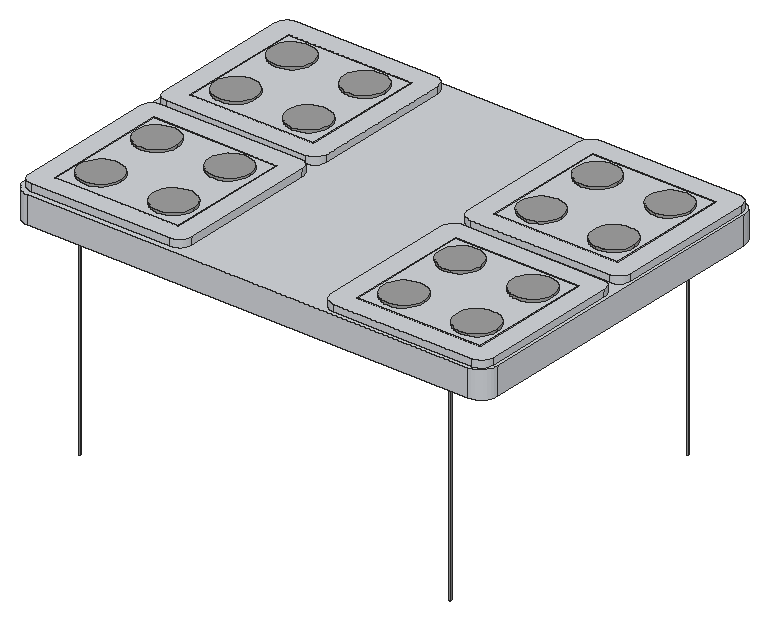
Revit family "Lighting-Industrial-GEWISS-SMART[4]HACCP_HIGHBAYS-LED_4M", category Apparecchi per illuminazione, Revit 2019
Family settings
  Quota connettore circolare = Usa diametro
  Tipo di parte = Normale
  Numero OmniClass = 23.80.70.00
  Titolo OmniClass = Lighting
  Basato su piano di lavoro = Sì
  Sempre verticale = No
  Taglio con vuoti quando caricato = No
  Sorgente d'illuminazione = No
  Condiviso = No
  Punto di calcolo locali = No
Parameters (values of type "GWS4420HQ857 - SMART4HB 4M S.A.ON/OFF HACCP ELL.57K")
  Wiring = "With GW connect watertight connector"
  Weight (kg): = "13,5"
  Warranty = "5 years"
  Voltaggio = 230 V
  Version file RFA = "20.11"
  Unique digital code (Datamatrix) = "Datamatrix"
  Unified Glare Rating = "-"
  URL = "https://www.gewiss.com/ww/en"
  Type of light source = "LED - Not replaceable"
  Tilt- = "With bracket accessory"
  Technical sheet = "https://www.gewiss.com/ww/en/search?q=GWS4420HQ857"
  System power = "253W"
  Supply voltage = "220 - 240 V"
  Stocking temperature = "-40 +70 °C"
  Standards and approvals = "-"
  Standard- = "EN 60598-1 ; EN 60598-2-1 ; EN 60598-2-24"
  Standard Deviation Colour Matching = "SDCM = 3"
  Spostamento_y_etichetta [instance] = 0 mm
  Spostamento_y_effettivo_etichetta [instance] = 1500 mm - Spostamento_y_etichetta  # 1500 mm
  Spostamento_x_etichetta [instance] = 0 mm
  Spostamento_x_effettivo_etichetta [instance] = 1500 mm - Spostamento_x_etichetta  # 1500 mm
  Shock resistance = "IK07"
  Shield type = "PMMA"
  SEO = "High bay"
  Realized by GEWISS S.p.A. = ""
  Rated frequency (Hz) = "50/60 Hz"
  Produttore = "GEWISS S.p.A."
  Photobiological Risk Class = "RG0"
  Overvoltage protection = "DM 6 kV / CM 10 kV"
  Optic and illuminating features = "-"
  Optic Maintenance = "Non-replaceable"
  Optic : = "Metallic PC reflector and PMMA lenses"
  Optic = "Elliptical"
  Operating temperature : = "-30 +50 °C"
  Offset etichetta W [instance] = 150 mm
  Mouting and installation = "Ceiling - Wallmounting - Suspension"
  Modello = "GWS4420HQ857"
  Maximum surface exposed to the wind : = "0,350 m²"
  Materials = "-"
  Luminaire = "LED Industrial Reflector "
  Lumen output (lm) = "32500"
  Locking Hook = "-"
  Lifetime = "L90B10 (Tq+25°C) = 70.000 h - L90B10 (Tq+50°C) = 35.000 h"
  Lampada = "LED"
  LED Maintenance = "Non-replaceable"
  Insulation class = "I"
  Installationa and maintenance = "-"
  Immagine tipo = GWL1371.jpg
  IPEA = "-"
  IP degree = "IP65"
  IFC.TypeObject = ""
  IFC.ExportType = ""
  IFC.ExportAs = ""
  IDT = "6af7526969d54a719d91d201a8e6a89f"
  IDF = "f15642f4-cb4b-4d67-ac46-8cf6ed8ec18c"
  Glow Wire Test : = "650 °C"
  General information = "-"
  Gasket = "anti-aging silicone"
  Fixing = "-"
  External screw = "Stainless steel"
  Etichetta wattaggio [instance] = yes
  Spessore plafoniera = 40 mm  # constant formula
  Default Elevation = 1219.2 mm
  Proiettsmart4_simb [instance] = yes
  Plafoniera_bidimensionale [instance] = not(Proiettsmart4_simb)  # no
  Eletrical and lighting features = "-"
  Electrocod = "2444"
  Efficiency (lm/W) = "128"
  Driver Box = "Built-in"
  Driver = "Included"
  Device with reduced surface temperature = "Yes"
  Descrizione = "SMART[4]HB 4M S.A.ON/OFF HACCP ELL.57K"
  DIN 18032-3 certification = "-"
  Control System : = "ON / OFF"
  Control System = "ON / OFF"
  Context = "Lighting of logistical and industrial food productive premises"
  Commenti sul wattaggio = "194W"
  Colour temperature = "5700K"
  Colour : = "Grey RAL 7035"
  Colour = "Grey RAL 7035"
  Color Rendering Index = "CRI-80"
  Classificazione = Lighting
  Classification: = "-"
  Catalogue = "LIGHTING"
  Carico apparente = 194 VA
  Lunghezza = 700 mm  # constant formula
  Larghezza = 504 mm  # constant formula
  Distanza_tot_plafoniera [instance] = 300 mm
  Distanza Sorg_Lum = 21.458 mm
  COBie.Tagnumber = ""
  COBie.CreatedOn = ""
  COBie.CreatebBy = ""
  COBie.ComponentRegisterItemID = ""
  COBie.Component.TagNumber = ""
  COBie.Component.Space = ""
  COBie.Component.SerialNumber = ""
  COBie.Component.InstallationDate = ""
  COBie.Component.Description = ""
  COBie.Component.BarCode = ""
  Body = "PA6 \"Halogen Free\" loaded fibreglass"
  Application = "Internal"
Types (12, lengths in mm): name | Unified Glare Rating | Technical sheet | SEO | Optic : | Optic | Modello | Lumen output (lm) | IDT | Efficiency (lm/W) | Descrizione | Colour temperature
  GWS4420HA840 - SMART4HB 4M S.A.ON/OFF HACCP ARR.40K | "UGR - 25" | "https://www.gewiss.com/ww/en/search?q=GWS4420HA840" | "" | "Metallized polycarbonate reflector" | "Array" | "GWS4420HA840" | "36400" | "e019ae3f481d4e8c9de7f0ac2febc06f" | "144" | "SMART[4]HB 4M S.A.ON/OFF HACCP ARR.40K" | "4000K"
  GWS4420HA857 - SMART4HB 4M S.A.ON/OFF HACCP ARR.57K | "UGR - 25" | "https://www.gewiss.com/ww/en/search?q=GWS4420HA857" | "" | "Metallized polycarbonate reflector" | "Array" | "GWS4420HA857" | "36400" | "0e2e5ebdaf1442a48c1e6b9add2bb6ce" | "144" | "SMART[4]HB 4M S.A.ON/OFF HACCP ARR.57K" | "5700K"
  GWS4420HC840 - SMART4HB 4M S.A.ON/OFF HACCP ASI.40K | "-" | "https://www.gewiss.com/ww/en/search?q=GWS4420HC840" | "High bay" | "Metallic PC reflector and PMMA lenses" | "Asymmetrical" | "GWS4420HC840" | "33000" | "44559c78d6a34dcca4d0aa63fcb39f96" | "130" | "SMART[4]HB 4M S.A.ON/OFF HACCP ASI.40K" | "4000K"
  GWS4420HC857 - SMART4HB 4M S.A.ON/OFF HACCP ASI.57K | "-" | "https://www.gewiss.com/ww/en/search?q=GWS4420HC857" | "High bay" | "Metallic PC reflector and PMMA lenses" | "Asymmetrical" | "GWS4420HC857" | "33000" | "1474f6b6970642a79c6fa81210ae103d" | "130" | "SMART[4]HB 4M S.A.ON/OFF HACCP ASI.57K" | "5700K"
  GWS4420HF840 - SMART4HB 4M S.A.ON/OFF HACCP 30° 40K | "UGR - 19" | "https://www.gewiss.com/ww/en/search?q=GWS4420HF840" | "" | "Metallic PC reflector and PMMA lenses" | "30°" | "GWS4420HF840" | "35700" | "2de4e512d7004454be497bd38de6ee3e" | "141" | "SMART[4]HB 4M S.A.ON/OFF HACCP 30° 40K" | "4000K"
  GWS4420HF857 - SMART4HB 4M S.A.ON/OFF HACCP 30° 57K | "UGR - 19" | "https://www.gewiss.com/ww/en/search?q=GWS4420HF857" | "" | "Metallic PC reflector and PMMA lenses" | "30°" | "GWS4420HF857" | "35700" | "50b38582a67c4cac80b5449c80ae3b39" | "141" | "SMART[4]HB 4M S.A.ON/OFF HACCP 30° 57K" | "5700K"
  GWS4420HH840 - SMART4HB 4M S.A.ON/OFF HACCP 60° 40K | "UGR - 22" | "https://www.gewiss.com/ww/en/search?q=GWS4420HH840" | "" | "Metallic PC reflector and PMMA lenses" | "60°" | "GWS4420HH840" | "36100" | "88c43bf56b84402faefd49b93192b908" | "143" | "SMART[4]HB 4M S.A.ON/OFF HACCP 60° 40K" | "4000K"
  GWS4420HH857 - SMART4HB 4M S.A.ON/OFF HACCP 60° 57K | "UGR - 22" | "https://www.gewiss.com/ww/en/search?q=GWS4420HH857" | "" | "Metallic PC reflector and PMMA lenses" | "60°" | "GWS4420HH857" | "36100" | "4633d56f5df94cad8f6a7aae80280d63" | "143" | "SMART[4]HB 4M S.A.ON/OFF HACCP 60° 57K" | "5700K"
  GWS4420HP840 - SMART4HB 4M S.A.ON/OFF HACCP 90° 40K | "UGR - 22" | "https://www.gewiss.com/ww/en/search?q=GWS4420HP840" | "" | "Metallic PC reflector and PMMA lenses" | "90°" | "GWS4420HP840" | "36100" | "a249c8cc7a574d479e30ffedf1397ed4" | "143" | "SMART[4]HB 4M S.A.ON/OFF HACCP 90° 40K" | "4000K"
  GWS4420HP857 - SMART4HB 4M S.A.ON/OFF HACCP 90° 57K | "UGR - 22" | "https://www.gewiss.com/ww/en/search?q=GWS4420HP857" | "" | "Metallic PC reflector and PMMA lenses" | "90°" | "GWS4420HP857" | "36100" | "073f246ff85e470e91d2c20ad3ee5524" | "143" | "SMART[4]HB 4M S.A.ON/OFF HACCP 90° 57K" | "5700K"
  GWS4420HQ840 - SMART4HB 4M S.A.ON/OFF HACCP ELL.40K | "-" | "https://www.gewiss.com/ww/en/search?q=GWS4420HQ840" | "High bay" | "Metallic PC reflector and PMMA lenses" | "Elliptical" | "GWS4420HQ840" | "32500" | "c1b6bdee583b4ed0976e2138c489e209" | "128" | "SMART[4]HB 4M S.A.ON/OFF HACCP ELL.40K" | "4000K"
  GWS4420HQ857 - SMART4HB 4M S.A.ON/OFF HACCP ELL.57K | "-" | "https://www.gewiss.com/ww/en/search?q=GWS4420HQ857" | "High bay" | "Metallic PC reflector and PMMA lenses" | "Elliptical" | "GWS4420HQ857" | "32500" | "6af7526969d54a719d91d201a8e6a89f" | "128" | "SMART[4]HB 4M S.A.ON/OFF HACCP ELL.57K" | "5700K"
Reference planes
  plane 1 "Asse sorgente illuminazione (F/B)": y = 0
  plane 2 "2": z = 0
  plane 3 "Asse sorgente illuminazione (L/R)": x = 0
  plane 4 "Prospetto sorgente di illuminazione": z = 1500
  plane 5: x = -350
  plane 6: y = 252
  plane 7: x = 350
  plane 8: y = -252
  plane 9: x = 345
  plane 10: x = -345
  plane 11: x = -104.5
  plane 12: x = 104.5
  plane 13: y = 0
  plane 14: y = -1500
  plane 15: z = 300
  plane 16: z = 340
  plane 17: z = 350
  plane 18: x = -1500
  plane 19: x = 0
  plane 20: y = 0
Dimensions and locks
  equal spacing: plane 6, plane 1 "Asse sorgente illuminazione (F/B)", plane 8
  "Larghezza": plane 6 to plane 8
  equal spacing: plane 5, plane 3 "Asse sorgente illuminazione (L/R)", plane 7
  "Lunghezza": plane 5 to plane 7
  locked: plane 5 to plane 10 at 5
  locked: plane 9 to plane 7 at 5
  locked: plane 16 to plane 15 at 40
  plane 17 to plane 16 = 10 mm
  "Distanza_tot_plafoniera": plane 15 to plane 2 "2"
  plane 18 to plane 3 "Asse sorgente illuminazione (L/R)" = 1500 mm
  plane 1 "Asse sorgente illuminazione (F/B)" to plane 14 = 1500 mm
  "Spostamento_y_effettivo_etichetta": plane 20 to plane 14
  "Spostamento_x_effettivo_etichetta": plane 18 to plane 19
  aligned and locked: level to plane 2 "2"
  aligned and locked: plane 5 to nested 1
  aligned and locked: plane 6 to nested 1
  aligned and locked: plane 9 to nested 2  (x2)
  aligned and locked: plane 10 to nested 12
  aligned and locked: nested 1 to plane 15
  aligned and locked: nested 17 to plane 16
  aligned and locked: plane 16 to nested 12
  aligned and locked: plane 16 to nested 7
  aligned and locked: nested 2 to plane 16
  aligned and locked: plane 17 to nested 19
  aligned and locked: nested 21 to plane 17
  aligned and locked: plane 17 to nested 16
  aligned and locked: nested 14 to plane 17
  aligned and locked: plane 17 to nested 18
  aligned and locked: nested 20 to plane 17
  aligned and locked: plane 17 to nested 15
  aligned and locked: nested 13 to plane 17
  aligned and locked: nested 8 to plane 17
  aligned and locked: plane 17 to nested 10
  aligned and locked: nested 5 to plane 17
  aligned and locked: plane 17 to nested 3
  aligned and locked: nested 9 to plane 17
  aligned and locked: plane 17 to nested 11
  aligned and locked: nested 6 to plane 17
  aligned and locked: plane 17 to nested 4
  aligned and locked: nested 22 to plane 2 "2"
  aligned and locked: nested 23 to plane 2 "2"
  aligned and locked: nested 24 to plane 2 "2"
  aligned and locked: nested 25 to plane 2 "2"
  aligned and locked: nested 28 to plane 20
  aligned and locked: nested 28 to plane 19
Nested families
  nested 1: "Struttura_SMART 4" at (0, 0, 340), type "SMART 4 HB - 4 x 4L"
  nested 2: "mascherina_SMART (4)" at (225, 127, 350), type "Maschera_smart (4) 4L", detail levels fine
  nested 3: "Gewis - Led" at (172.217, 179, 353), type "Gewis - Led", detail levels medium+fine
  nested 4: "Gewis - Led" at (280, 179, 353), type "Gewis - Led", detail levels medium+fine
  nested 5: "Gewis - Led" at (172.217, 75, 353), type "Gewis - Led", detail levels medium+fine
  nested 6: "Gewis - Led" at (280, 75, 353), type "Gewis - Led", detail levels medium+fine
  nested 7: "mascherina_SMART (4)" at (225, -127, 350), type "Maschera_smart (4) 4L", detail levels fine
  nested 8: "Gewis - Led" at (172.217, -179, 353), type "Gewis - Led", detail levels medium+fine
  nested 9: "Gewis - Led" at (280, -179, 353), type "Gewis - Led", detail levels medium+fine
  nested 10: "Gewis - Led" at (172.217, -75, 353), type "Gewis - Led", detail levels medium+fine
  nested 11: "Gewis - Led" at (280, -75, 353), type "Gewis - Led", detail levels medium+fine
  nested 12: "mascherina_SMART (4)" at (-225, 127, 350) x (-1, 0, 0) z (0, 0, 1), type "Maschera_smart (4) 4L", detail levels fine
  nested 13: "Gewis - Led" at (-172.217, 179, 353) x (-1, 0, 0) z (0, 0, 1), type "Gewis - Led", detail levels medium+fine
  nested 14: "Gewis - Led" at (-280, 179, 353) x (-1, 0, 0) z (0, 0, 1), type "Gewis - Led", detail levels medium+fine
  nested 15: "Gewis - Led" at (-172.217, 75, 353) x (-1, 0, 0) z (0, 0, 1), type "Gewis - Led", detail levels medium+fine
  nested 16: "Gewis - Led" at (-280, 75, 353) x (-1, 0, 0) z (0, 0, 1), type "Gewis - Led", detail levels medium+fine
  nested 17: "mascherina_SMART (4)" at (-225, -123, 350) x (-1, 0, 0) z (0, 0, 1), type "Maschera_smart (4) 4L", detail levels fine
  nested 18: "Gewis - Led" at (-172.217, -175, 353) x (-1, 0, 0) z (0, 0, 1), type "Gewis - Led", detail levels medium+fine
  nested 19: "Gewis - Led" at (-280, -175, 353) x (-1, 0, 0) z (0, 0, 1), type "Gewis - Led", detail levels medium+fine
  nested 20: "Gewis - Led" at (-172.217, -71, 353) x (-1, 0, 0) z (0, 0, 1), type "Gewis - Led", detail levels medium+fine
  nested 21: "Gewis - Led" at (-280, -71, 353) x (-1, 0, 0) z (0, 0, 1), type "Gewis - Led", detail levels medium+fine
  nested 22: "Sospensione_ SMART LAB 4" at (274.338, -220.687, 0), Altezza sospensione <- "Distanza_tot_plafoniera", type "Sospensione_ SMART LAB 4"
    with Altezza sospensione 300 mm
  nested 23: "Sospensione_ SMART LAB 4" at (274.338, 219.313, 0), Altezza sospensione <- "Distanza_tot_plafoniera", type "Sospensione_ SMART LAB 4"
    with Altezza sospensione 300 mm
  nested 24: "Sospensione_ SMART LAB 4" at (-274.338, -220.687, 0), Altezza sospensione <- "Distanza_tot_plafoniera", type "Sospensione_ SMART LAB 4"
    with Altezza sospensione 300 mm
  nested 25: "Sospensione_ SMART LAB 4" at (-274.338, 219.313, 0), Altezza sospensione <- "Distanza_tot_plafoniera", type "Sospensione_ SMART LAB 4"
    with Altezza sospensione 300 mm
  nested 26: "Rappr_ bidimensionale" at (0, 0, 0), visible <- "Plafoniera_bidimensionale", type "4 X4 LED"
  nested 27: "PROIETTSMART - 4" at (0, 0, 0), visible <- "Proiettsmart4_simb", type "PROIETTSMART - 4"
  nested 28: "ETICHETTA LIGHT" at (0, 0, 0), type "ETICHETTA LIGHT"
Connectors
  electrical at (0.009, -0.098, 300), driven by "Classificazione", driven by "Carico apparente"
    settings: on nested 1, index 1, voltage 230 V, apparent load 0 VA, apparent load phase1 194 VA, apparent load phase2 0 VA, apparent load phase3 0 VA, power factor 1, load classification "Lighting", number of poles 2, system type 31, power factor state 1, is connector primary yes, connector utility no, sub classification motor no, connector description ""
Definition of nested family "Struttura_SMART 4"
  Parameters (values of type "SMART 4 HB - 4 x 4L")
    Struttura plafoniera = none
    Spessore_plafoniera = 40 mm
    Lunghezza = 700 mm
    Larghezza = 504 mm
  Types (2, lengths in mm): name | Lunghezza | Larghezza
    SMART 4 HB - 4+4L | 699 | 254
    SMART 4 HB - 4 x 4L | 700 | 504
  Reference planes
    plane 1 "Asse sorgente illuminazione (F/B)": y = 0
    plane 2: z = 0
    plane 3 "Asse sorgente illuminazione (L/R)": x = 0
    plane 4 "Prospetto sorgente di illuminazione": z = -40
    plane 5 "SX": x = -350
    plane 6 "DX": x = 350
    plane 7 "DIETRO": y = 252
    plane 8 "AVANTI": y = -252
    plane 9: x = 107
    plane 10: x = 339
    plane 11: y = -241
    plane 12: y = 241
    plane 13: x = -339
    plane 14: x = -107
  Forms (mm)
    Extrusion 1, solid, material <- "Struttura plafoniera"
      sketch origin (0, 0, 0) x (1, 0, 0) y (0, 1, 0)
        loop
          line (350, -227.595) -> (350, 227.59)
          arc (350, 227.59) -> (342.85, 244.85) -> (325.59, 252) r 24.41
          line (325.59, 252) -> (-325.509, 252)
          arc (-325.509, 252) -> (-343.054, 244.6) -> (-350, 226.871) r 24.499
          line (-350, 226.871) -> (-350, -227.592)
          arc (-350, -227.592) -> (-342.851, -244.851) -> (-325.592, -252) r 24.408
          line (-325.592, -252) -> (325.617, -252)
          arc (325.617, -252) -> (342.834, -244.868) -> (349.965, -227.652) r 24.348
      from -40 to 0
  Dimensions and locks
    equal spacing: plane 5 "SX", plane 3 "Asse sorgente illuminazione (L/R)", plane 6 "DX"
    equal spacing: plane 7 "DIETRO", plane 1 "Asse sorgente illuminazione (F/B)", plane 8 "AVANTI"
    "Lunghezza": plane 5 "SX" to plane 6 "DX"
    "Larghezza": plane 7 "DIETRO" to plane 8 "AVANTI"
    locked: plane 7 "DIETRO" to plane 12 at 11
    locked: plane 11 to plane 8 "AVANTI" at 11
    locked: plane 10 to plane 6 "DX" at 11
    locked: plane 9 to plane 10 at 232
    plane 13 to plane 14 = 232 mm
    locked: plane 5 "SX" to plane 13 at 11
    "Spessore_plafoniera": plane 2 to plane 4 "Prospetto sorgente di illuminazione"
    aligned and locked: level to plane 2
    aligned and locked: Extrusion 1 to plane 5 "SX"
    aligned and locked: Extrusion 1 to plane 8 "AVANTI"  (x2)
    aligned and locked: plane 7 "DIETRO" to Extrusion 1
    aligned and locked: plane 6 "DX" to Extrusion 1
    aligned and locked: plane 4 "Prospetto sorgente di illuminazione" to Extrusion 1
    aligned and locked: plane 2 to Extrusion 1
  Automatic sketch dimensions
    Extrusion 1 sketch curve to plane 5 "SX" = 0 mm
    Extrusion 1 sketch curve to plane 8 "AVANTI" = 0 mm
    Extrusion 1 sketch curve to plane 7 "DIETRO" = 0 mm
    Extrusion 1 sketch curve to plane 6 "DX" = 0 mm
    plane 13 to Extrusion 1 sketch curve = 13.408 mm
    plane 13 to Extrusion 1 sketch curve = 13.491 mm
    Extrusion 1 sketch curve to plane 10 = 13.41 mm
    Extrusion 1 sketch curve to plane 10 = 13.383 mm
    plane 11 to Extrusion 1 sketch curve = 13.348 mm
    Extrusion 1 sketch curve to plane 12 = 14.129 mm
    Extrusion 1 sketch curve to Extrusion 1 sketch curve = 0.056 mm
Definition of nested family "mascherina_SMART (4)"
  Parameters (values of type "Maschera_smart (4) 4L")
    Spessore_mascherina = 10 mm
    Default Elevation = 1219.2 mm
    N.intarsi = (Lunghezza_mascherina - (Bordo * 2)) / 15 mm  # 12
    N._intarsi verticale = (Larghezza_mascherina - (Bordo * 2)) / 17 mm  # 11
    Mascherina = none
    Lunghezza_mascherina = 240 mm
    Larghezza_mascherina = 240 mm
    Distanza_intarsi v. = 41 mm  # constant formula
    Distanza_intarsi = 37 mm  # constant formula
    Bordo = 29 mm
  Reference planes
    plane 1 "Centro (Fronte/Retro)": y = 0
    plane 2: z = 0
    plane 3 "Centro (Sinistra/Destra)": x = 0
    plane 4: x = -120
    plane 5 "Dietro": y = 120
    plane 6: x = 120
    plane 7: y = -120
    plane 8: x = -91
    plane 9: y = -91
    plane 10: x = 91
    plane 11: y = 91
    plane 12: x = -83
    plane 13: y = 94.742
    plane 14: y = -95
    plane 15: z = -10
    plane 16: x = -95
    plane 17: y = 79
    plane 18: y = -79
    plane 19: x = 95
    plane 20: z = -4.799
  Forms (mm)
    Extrusion 1, solid, material <- "Mascherina"
      sketch origin (0, 0, 0) x (1, 0, 0) y (0, 1, 0)
        loop
          arc (-102.5, 120) -> (-114.874, 114.874) -> (-120, 102.5) r 17.5
          line (-120, 102.5) -> (-120, -102.5)
          arc (-120, -102.5) -> (-114.874, -114.874) -> (-102.5, -120) r 17.5
          line (-102.5, -120) -> (102.5, -120)
          arc (102.5, -120) -> (114.874, -114.874) -> (120, -102.5) r 17.5
          line (120, -102.5) -> (120, 102.5)
          arc (120, 102.5) -> (114.874, 114.874) -> (102.5, 120) r 17.5
          line (102.5, 120) -> (-102.5, 120)
        loop
          line (-91, 91) -> (-91, -91) -> (91, -91) -> (91, 91) -> (-91, 91)
      from -10 to 0
    Extrusion 2, solid, material <- "Mascherina"
      sketch origin (0, 0, 0) x (1, 0, 0) y (0, 1, 0)
        loop
          line (-91, 91) -> (-91, -91) -> (91, -91) -> (91, 91) -> (-91, 91)
      from -4.799 to 0
  Dimensions and locks
    equal spacing: plane 4, plane 3 "Centro (Sinistra/Destra)", plane 6
    "Lunghezza_mascherina": plane 4 to plane 6
    equal spacing: plane 5 "Dietro", plane 1 "Centro (Fronte/Retro)", plane 7
    "Larghezza_mascherina": plane 5 "Dietro" to plane 7
    "Bordo": plane 4 to plane 8
    "Bordo": plane 9 to plane 7
    "Bordo": plane 5 "Dietro" to plane 11
    "Bordo": plane 10 to plane 6
    "Distanza_intarsi": plane 4 to plane 12
    locked: plane 13 to plane 11 at 3.742
    "Spessore_mascherina": plane 2 to plane 15
    "Distanza_intarsi v.": plane 5 "Dietro" to plane 17
    "Distanza_intarsi v.": plane 18 to plane 7
    locked: plane 9 to plane 14 at 4
    locked: plane 16 to plane 8 at 4
    locked: plane 10 to plane 19 at 4
    locked: plane 2 to plane 20 at 4.799
    radius of Extrusion 1 sketch curve = 17.5 mm  (x4)
    aligned and locked: level to plane 2
    aligned and locked: plane 4 to Extrusion 1 sketch curve
    aligned and locked: plane 6 to Extrusion 1 sketch curve
    aligned and locked: Extrusion 1 sketch curve to plane 5 "Dietro"
    aligned and locked: Extrusion 1 sketch curve to plane 7
    aligned and locked: Extrusion 1 sketch curve to plane 11
    aligned and locked: plane 8 to Extrusion 1 sketch curve
    aligned and locked: plane 9 to Extrusion 1 sketch curve
    aligned and locked: Extrusion 1 sketch curve to plane 10
    aligned and locked: plane 2 to Extrusion 1
    aligned and locked: Extrusion 1 to plane 15
    aligned and locked: Extrusion 2 sketch curve to plane 10
    aligned and locked: plane 9 to Extrusion 2 sketch curve
    aligned and locked: plane 8 to Extrusion 2 sketch curve
    aligned and locked: Extrusion 2 sketch curve to plane 11
    aligned and locked: plane 2 to Extrusion 2
    aligned and locked: Extrusion 2 to plane 20
Definition of nested family "Gewis - Led"
  Parameters (values of type "Gewis - Led")
    Vetro = none
    Raggio led = 30 mm
    Default Elevation = 1219.2 mm
    Estensione vetro = 3 mm
  Reference planes
    plane 1 "Centro (Fronte/Retro)": y = 0
    plane 2: z = 0
    plane 3 "Centro (Sinistra/Destra)": x = 0
  Forms (mm)
    Extrusion 1, solid, material <- "Vetro"
      sketch origin (0, 0, 0) x (1, 0, 0) y (0, 1, 0)
        loop
          circle (0, 0) r 30
      from -3 to 0
  Dimensions and locks
    "Estensione vetro": level to Extrusion 1
    "Raggio led": radius of Extrusion 1 sketch curve
    aligned and locked: level to plane 2
    aligned and locked: level to Extrusion 1
  Automatic sketch dimensions
    plane 1 "Centro (Fronte/Retro)" to Extrusion 1 sketch curve = 0 mm
    Extrusion 1 sketch curve to plane 3 "Centro (Sinistra/Destra)" = 0 mm
Definition of nested family "Sospensione_ SMART LAB 4"
  Parameters (values of type "Sospensione_ SMART LAB 4")
    Default Elevation = 1219.2 mm
    Altezza sospensione [instance] = 500 mm
  Reference planes
    plane 1 "Center (Front/Back)": y = 0
    plane 2: z = 0
    plane 3 "Center (Left/Right)": x = 0
    plane 4: z = 500
  Forms (mm)
    Extrusion 1, solid
      sketch origin (0, 0, 0) x (1, 0, 0) y (0, 1, 0)
        loop
          circle (0, -0.028) r 1.25
      from 0 to 500
  Lines and regions (mm)
    model lines, not visible
      curve 1: line (0, 0, 0) -> (0, 0, 9.482)
  Dimensions and locks
    "Altezza sospensione": plane 4 to level
    plane 4 to plane 2 = 500 mm
    aligned and locked: level to plane 2
    aligned and locked: plane 4 to Extrusion 1
    aligned and locked: Extrusion 1 to plane 2
  Automatic sketch dimensions
    Extrusion 1 sketch curve to plane 3 "Center (Left/Right)" = 0 mm
    plane 1 "Center (Front/Back)" to Extrusion 1 sketch curve = 0.028 mm
    curve 1 to plane 3 "Center (Left/Right)" = 0 mm
    curve 1 to level = 0 mm
    curve 1 to curve 1 = 9.482 mm
    radius of Extrusion 1 sketch curve = 1.25 mm
Definition of nested family "Rappr_ bidimensionale"
  Parameters (values of type "4 X4 LED")
    5 LED = no
    4 LED = not([5 LED])  # yes
  Reference planes
    plane 1 "Centro (Fronte/Retro)": y = 0
    plane 2: z = 0
    plane 3 "Centro (Sinistra/Destra)": x = 0
  Lines and regions (mm)
    model lines, in view "Livello rif.", visible <- "4 LED"
      curve 1: circle (176.124, 171.566, 0) r 28.619 normal (0, 0, 1)
      curve 2: circle (270.124, 77.566, 0) r 28.619 normal (0, 0, 1)
      curve 3: circle (176.124, 77.566, 0) r 28.619 normal (0, 0, 1)
      curve 4: circle (270.124, 171.566, 0) r 28.619 normal (0, 0, 1)
      curve 5: circle (-175.025, 77.434, 0) r 28.619 normal (0, 0, 1)
      curve 6: circle (-269.025, 171.434, 0) r 28.619 normal (0, 0, 1)
      curve 7: circle (-175.025, 171.434, 0) r 28.619 normal (0, 0, 1)
      curve 8: circle (-269.025, 77.434, 0) r 28.619 normal (0, 0, 1)
      curve 9: circle (-175.025, -171.611, 0) r 28.619 normal (0, 0, 1)
      curve 10: circle (-269.025, -77.611, 0) r 28.619 normal (0, 0, 1)
      curve 11: circle (-175.025, -77.611, 0) r 28.619 normal (0, 0, 1)
      curve 12: circle (-269.025, -171.611, 0) r 28.619 normal (0, 0, 1)
      curve 13: circle (176.124, -77.434, 0) r 28.619 normal (0, 0, 1)
      curve 14: circle (270.124, -171.434, 0) r 28.619 normal (0, 0, 1)
      curve 15: circle (176.124, -171.434, 0) r 28.619 normal (0, 0, 1)
      curve 16: circle (270.124, -77.434, 0) r 28.619 normal (0, 0, 1)
    model lines, in view "Livello rif."
      curve 17: arc (-326.07, 251.865, 0) -> (-342.562, 245.006, 0) -> (-349.39, 228.5, 0) r 23.365
      curve 18: arc (350.489, 228.546, 0) -> (343.613, 245.054, 0) -> (327.079, 251.865, 0) r 23.365
      curve 19: arc (327.098, -251.865, 0) -> (343.653, -245.015, 0) -> (350.489, -228.454, 0) r 23.365
      curve 20: arc (-349.39, -228.5, 0) -> (-342.555, -245.013, 0) -> (-326.05, -251.865, 0) r 23.365
      curve 21: arc (-102.728, -20.5, 0) -> (-107.214, -9.678, 0) -> (-118.041, -5.203, 0) r 15.297
      curve 22: arc (-118.041, 5.203, 0) -> (-107.214, 9.678, 0) -> (-102.728, 20.5, 0) r 15.297
      curve 23: arc (-118.041, -243.797, 0) -> (-107.214, -239.322, 0) -> (-102.728, -228.5, 0) r 15.297
      curve 24: arc (327.107, 5.203, 0) -> (337.947, 9.69, 0) -> (342.421, 20.535, 0) r 15.297
      curve 25: arc (103.827, 20.465, 0) -> (108.314, 9.677, 0) -> (119.107, 5.203, 0) r 15.297
      curve 26: arc (119.089, 243.797, 0) -> (108.308, 239.316, 0) -> (103.827, 228.535, 0) r 15.297
      curve 27: arc (342.421, 228.535, 0) -> (337.916, 239.341, 0) -> (327.089, 243.797, 0) r 15.297
      curve 28: arc (-341.321, 20.535, 0) -> (-336.859, 9.702, 0) -> (-326.041, 5.203, 0) r 15.297
      curve 29: arc (-326.059, 243.797, 0) -> (-336.865, 239.292, 0) -> (-341.321, 228.465, 0) r 15.297
      curve 30: arc (-102.728, 228.5, 0) -> (-107.22, 239.329, 0) -> (-118.059, 243.797, 0) r 15.297
      curve 31: arc (342.421, -20.465, 0) -> (337.922, -9.666, 0) -> (327.107, -5.203, 0) r 15.297
      curve 32: arc (327.107, -243.797, 0) -> (337.947, -239.31, 0) -> (342.421, -228.465, 0) r 15.297
      curve 33: arc (103.827, -228.535, 0) -> (108.314, -239.323, 0) -> (119.107, -243.797, 0) r 15.297
      curve 34: arc (119.107, -5.203, 0) -> (108.314, -9.677, 0) -> (103.827, -20.465, 0) r 15.297
      curve 35: arc (-341.321, -228.465, 0) -> (-336.859, -239.298, 0) -> (-326.041, -243.797, 0) r 15.297
      curve 36: arc (-326.041, -5.203, 0) -> (-336.859, -9.702, 0) -> (-341.321, -20.535, 0) r 15.297
      curve 37: line (130.624, 32, 0) -> (130.624, 217, 0)
      curve 38: line (130.624, 217, 0) -> (315.624, 217, 0)
      curve 39: line (315.624, 217, 0) -> (315.624, 32, 0)
      curve 40: line (315.624, 32, 0) -> (130.624, 32, 0)
      curve 41: line (-129.525, 32, 0) -> (-314.525, 32, 0)
      curve 42: line (-314.525, 32, 0) -> (-314.525, 217, 0)
      curve 43: line (-314.525, 217, 0) -> (-129.525, 217, 0)
      curve 44: line (-129.525, 217, 0) -> (-129.525, 32, 0)
      curve 45: line (-129.525, -217.045, 0) -> (-314.525, -217.045, 0)
      curve 46: line (-314.525, -217.045, 0) -> (-314.525, -32.045, 0)
      curve 47: line (-314.525, -32.045, 0) -> (-129.525, -32.045, 0)
      curve 48: line (-129.525, -32.045, 0) -> (-129.525, -217.045, 0)
      curve 49: line (130.624, -217, 0) -> (130.624, -32, 0)
      curve 50: line (130.624, -32, 0) -> (315.624, -32, 0)
      curve 51: line (315.624, -32, 0) -> (315.624, -217, 0)
      curve 52: line (315.624, -217, 0) -> (130.624, -217, 0)
      curve 53: line (-349.39, 228.5, 0) -> (-349.39, -228.5, 0)
      curve 54: line (327.079, 251.865, 0) -> (-326.07, 251.865, 0)
      curve 55: line (350.489, -228.454, 0) -> (350.489, 228.546, 0)
      curve 56: line (327.098, -251.865, 0) -> (-326.05, -251.865, 0)
      curve 57: line (-102.728, -228.5, 0) -> (-102.728, -20.5, 0)
      curve 58: line (-326.041, -5.203, 0) -> (-118.041, -5.203, 0)
      curve 59: line (-102.728, 20.5, 0) -> (-102.728, 228.5, 0)
      curve 60: line (-326.041, 5.203, 0) -> (-118.041, 5.203, 0)
      curve 61: line (119.107, 5.203, 0) -> (327.107, 5.203, 0)
      curve 62: line (103.827, 20.465, 0) -> (103.827, 228.535, 0)
      curve 63: line (119.089, 243.797, 0) -> (327.089, 243.797, 0)
      curve 64: line (342.421, 20.535, 0) -> (342.421, 228.535, 0)
      curve 65: line (-341.321, 20.535, 0) -> (-341.321, 228.465, 0)
      curve 66: line (-326.059, 243.797, 0) -> (-118.059, 243.797, 0)
      curve 67: line (119.107, -5.203, 0) -> (327.107, -5.203, 0)
      curve 68: line (342.421, -228.465, 0) -> (342.421, -20.465, 0)
      curve 69: line (119.107, -243.797, 0) -> (327.107, -243.797, 0)
      curve 70: line (103.827, -228.535, 0) -> (103.827, -20.465, 0)
      curve 71: line (-326.041, -243.797, 0) -> (-118.041, -243.797, 0)
      curve 72: line (-341.321, -228.465, 0) -> (-341.321, -20.535, 0)
    detail lines, in view "Livello rif.", visible <- "5 LED"
      curve 73: circle (-223.979, 122.48, 0) r 28.619 normal (0, 0, 1)
      curve 74: circle (-175.025, 77.434, 0) r 28.619 normal (0, 0, 1)
      curve 75: circle (-269.025, 171.434, 0) r 28.619 normal (0, 0, 1)
      curve 76: circle (-175.025, 171.434, 0) r 28.619 normal (0, 0, 1)
      curve 77: circle (-269.025, 77.434, 0) r 28.619 normal (0, 0, 1)
      curve 78: circle (176.124, 171.566, 0) r 28.619 normal (0, 0, 1)
      curve 79: circle (270.124, 77.566, 0) r 28.619 normal (0, 0, 1)
      curve 80: circle (176.124, 77.566, 0) r 28.619 normal (0, 0, 1)
      curve 81: circle (270.124, 171.566, 0) r 28.619 normal (0, 0, 1)
      curve 82: circle (-175.025, -171.611, 0) r 28.619 normal (0, 0, 1)
      curve 83: circle (-269.025, -77.611, 0) r 28.619 normal (0, 0, 1)
      curve 84: circle (-175.025, -77.611, 0) r 28.619 normal (0, 0, 1)
      curve 85: circle (-269.025, -171.611, 0) r 28.619 normal (0, 0, 1)
      curve 86: circle (176.124, -77.434, 0) r 28.619 normal (0, 0, 1)
      curve 87: circle (270.124, -171.434, 0) r 28.619 normal (0, 0, 1)
      curve 88: circle (176.124, -171.434, 0) r 28.619 normal (0, 0, 1)
      curve 89: circle (270.124, -77.434, 0) r 28.619 normal (0, 0, 1)
      curve 90: circle (-221.479, -125.02, 0) r 28.619 normal (0, 0, 1)
      curve 91: circle (221.694, -125.02, 0) r 28.619 normal (0, 0, 1)
      curve 92: circle (221.694, 124.956, 0) r 28.619 normal (0, 0, 1)
Definition of nested family "PROIETTSMART - 4"
  Reference planes
    plane 1 "Centro (Fronte/Retro)": y = 0
    plane 2: z = 0
    plane 3 "Centro (Sinistra/Destra)": x = 0
  Lines and regions (mm)
    model lines, in view "Livello rif."
      curve 1: line (134.982, -122.65, 0) -> (68.521, -89.561, 0)
      curve 2: line (68.521, -89.561, 0) -> (134.982, -56.075, 0)
      curve 3: line (134.982, -56.075, 0) -> (134.982, -122.65, 0)
      curve 4: line (68.521, -56.274, 0) -> (68.521, -122.849, 0)
      curve 5: line (68.521, -89.561, 0) -> (29.658, -89.561, 0)
      curve 6: line (134.982, -89.362, 0) -> (163.679, -89.362, 0)
      curve 7: line (198.934, -192.237, 0) -> (-201.066, -192.237, 0)
      curve 8: line (19.872, -13.139, 0) -> (172.718, -13.139, 0)
      curve 9: line (172.718, -13.139, 0) -> (172.718, -165.984, 0)
      curve 10: line (172.718, -165.984, 0) -> (19.872, -165.984, 0)
      curve 11: line (19.872, -165.984, 0) -> (19.872, -13.139, 0)
      curve 12: line (-59.74, -122.65, 0) -> (-126.201, -89.561, 0)
      curve 13: line (-126.201, -89.561, 0) -> (-59.74, -56.075, 0)
      curve 14: line (-59.74, -56.075, 0) -> (-59.74, -122.65, 0)
      curve 15: line (-126.201, -56.274, 0) -> (-126.201, -122.849, 0)
      curve 16: line (-126.201, -89.561, 0) -> (-165.064, -89.561, 0)
      curve 17: line (-59.74, -89.362, 0) -> (-31.043, -89.362, 0)
      curve 18: line (-174.85, -13.139, 0) -> (-22.005, -13.139, 0)
      curve 19: line (-22.005, -13.139, 0) -> (-22.005, -165.984, 0)
      curve 20: line (-22.005, -165.984, 0) -> (-174.85, -165.984, 0)
      curve 21: line (-174.85, -165.984, 0) -> (-174.85, -13.139, 0)
      curve 22: line (134.982, 56.449, 0) -> (68.521, 89.537, 0)
      curve 23: line (68.521, 89.537, 0) -> (134.982, 123.023, 0)
      curve 24: line (134.982, 123.023, 0) -> (134.982, 56.449, 0)
      curve 25: line (68.521, 122.824, 0) -> (68.521, 56.25, 0)
      curve 26: line (68.521, 89.537, 0) -> (29.658, 89.537, 0)
      curve 27: line (134.982, 89.736, 0) -> (163.679, 89.736, 0)
      curve 28: line (19.872, 165.96, 0) -> (172.718, 165.96, 0)
      curve 29: line (172.718, 165.96, 0) -> (172.718, 13.114, 0)
      curve 30: line (172.718, 13.114, 0) -> (19.872, 13.114, 0)
      curve 31: line (19.872, 13.114, 0) -> (19.872, 165.96, 0)
      curve 32: line (198.934, -192.237, 0) -> (198.934, 192.237, 0)
      curve 33: line (198.934, 192.237, 0) -> (-201.066, 192.237, 0)
      curve 34: line (-201.066, 192.237, 0) -> (-201.066, -192.237, 0)
      curve 35: line (-59.74, 56.449, 0) -> (-126.201, 89.537, 0)
      curve 36: line (-126.201, 89.537, 0) -> (-59.74, 123.023, 0)
      curve 37: line (-59.74, 123.023, 0) -> (-59.74, 56.449, 0)
      curve 38: line (-126.201, 122.824, 0) -> (-126.201, 56.25, 0)
      curve 39: line (-126.201, 89.537, 0) -> (-165.064, 89.537, 0)
      curve 40: line (-59.74, 89.736, 0) -> (-31.043, 89.736, 0)
      curve 41: line (-174.85, 165.96, 0) -> (-22.005, 165.96, 0)
      curve 42: line (-22.005, 165.96, 0) -> (-22.005, 13.114, 0)
      curve 43: line (-22.005, 13.114, 0) -> (-174.85, 13.114, 0)
      curve 44: line (-174.85, 13.114, 0) -> (-174.85, 165.96, 0)
Definition of nested family "ETICHETTA LIGHT"
  Parameters (values of type "ETICHETTA LIGHT")
    COMMENTI = "236W"
  Reference planes
    plane 1: y = 0
    plane 2: x = 0
  Text (mm)
    label "COMMENTI" at (-0.057, 0.105, 0), shows "COMMENTI"
